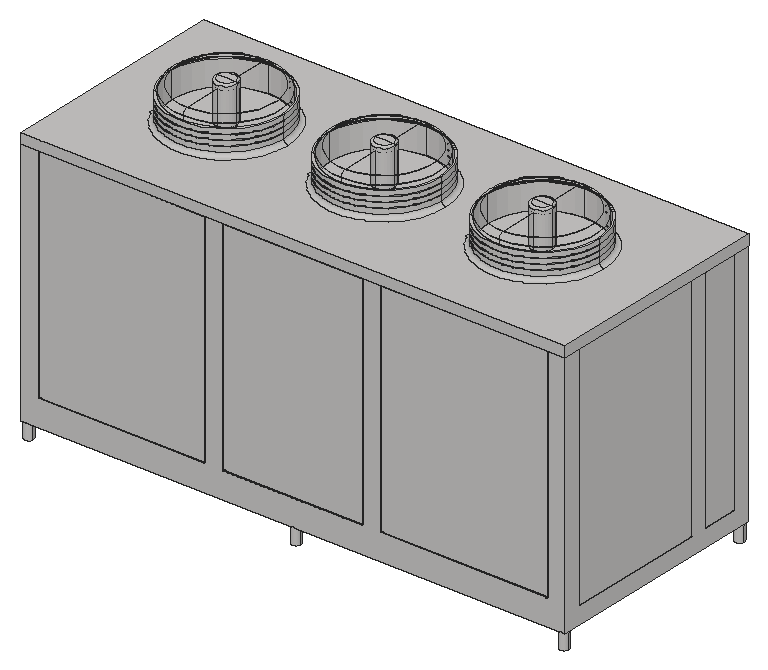
Revit family "QF_NuovAIR_CU-N550T2----", category Specialty Equipment, Revit 2019
Family settings
  Round Connector Dimension = Use Diameter
  Part Type = Normal
  Work Plane-Based = No
  Always vertical = Yes
  Cut with Voids When Loaded = No
  Shared = No
  Room Calculation Point = No
Parameters (values of type "CU-N550T2_400V 50A")
  Weight = 1133.00 kg
  Volts = 400 V
  Volt Free Conn = no
  URL Manufacturer = "https://www.nuovair.com/"
  URL Cutsheet = "N550T2-en-1.pdf"
  URL = ""
  Show Logo [instance] = yes
  Show Clearance [instance] = no
  Refrigeration Suction Line Size = 54 mm
  Refrigeration Liquid Line Size = 22 mm
  Refrigeration Energy Efficiency Index = ""
  Refrigeration Climate Class = ""
  Refrigerant Type = "R452a"
  Refrigerant Compressor Remote = no
  Potential Equalisation = yes
  Phase = 3
  Number of Poles = 3
  Model = "CU-N550T2"
  Mat_Legs = QF_Stainless-Brushed
  Mat_Clearance = QF_Clearance
  Mat_Case = QF_Stainless-Brushed
  Masterspec = ""
  Manufacturer = "NUOVAIR"
  Main switch integrated = no
  Length Actual = 3100 mm  # constant formula
  Legs_R = 25 mm  # constant formula
  Keynote = "0"
  Item Number = "CU-N550T2"
  Identify Quantity as Lot = no
  Horse Power = "35"
  Height Actual = 1780 mm  # constant formula
  Foodservice Equipment Identifier = yes
  Energy Efficiency Labelling = ""
  FL Amps = 76 A
  Electric power = 38000000 W
  Elec Connection Height = 400 mm
  Ele_Note = ""
  Direct Waste Size = 0 mm
  Direct Waste Connection Height = 0 mm
  Description = "Condensing Unit"
  Description_FR = ""
  Description_ES = ""
  Description_EN = ""
  Description_DE = ""
  Depth Actual = 1300 mm  # constant formula
  Cycle = 50 Hz
  Conn Plug = "terminal block"
  CE Approved = yes
  Author = ""
  Accessory = no
Types (3, lengths in mm): name | Volts | FL Amps | Cycle
  CU-N550T2_400V 50A | 400 V | 76 A | 50 Hz
  CU-N550T2_440V 60A | 440 V | 83 A | 60 Hz
  CU-N550T2_230V 60A | 230 V | 159 A | 60 Hz
Reference planes
  plane 1 "Center (Front/Back)": y = 0
  plane 2: z = 0
  plane 3 "Center (Left/Right)": x = 0
  plane 4 "SX": x = -1550
  plane 5 "DX": x = 1550
  plane 6: y = -1300
  plane 7: y = -2100
  plane 8 "top": z = 1780
  plane 9: y = 800
  plane 10: x = 2050
  plane 11: x = -2050
  plane 12 "Base": z = 90
  plane 13: z = 1500
  plane 14: x = -1525
  plane 15: x = 1525
  plane 16: y = -25
  plane 17: y = -1275
  plane 18: z = 1560
  plane 19: z = 190
  plane 20: y = -100
  plane 21: y = -1200
  plane 22: x = -1450
  plane 23: x = -500
  plane 24: x = 500
  plane 25: x = 1450
  plane 26: z = 240
  plane 27: x = -400
  plane 28: x = 400
  plane 29: y = -300
  plane 30: y = -400
  plane 31 "Ventilator_X_01": x = -900
  plane 32 "Ventilator_X_02": x = 900
  plane 33 "Ventilator_Y": y = -650
Forms (mm)
  Extrusion 1, solid, material "QF_Clearance" <- "Mat_Clearance", visible <- "Show Clearance"
    sketch origin (0, 0, 0) x (1, 0, 0) y (0, 1, 0)
      loop
        line (-1550, 800) -> (-1550, -2100) -> (1550, -2100) -> (1550, 800) -> (-1550, 800)
    from 0 to 1780
  Extrusion 2, solid, material "QF_Clearance" <- "Mat_Clearance", visible <- "Show Clearance"
    sketch origin (0, 0, 0) x (1, 0, 0) y (0, 1, 0)
      loop
        line (-1550, 0) -> (-1550, -1300) -> (1550, -1300) -> (1550, 0) -> (-1550, 0)
    from 0 to 1780
  Extrusion 3, solid, material "QF_Stainless-Brushed" <- "Mat_Case", detail levels medium+fine
    sketch origin (0, 0, 90) x (-1, 0, 0) y (0, -1, 0)
      loop
        line (1550, 0) -> (1550, 1300) -> (-1550, 1300) -> (-1550, 0) -> (1550, 0)
    from 0 to 1410
  Extrusion 4, solid, material "QF_Clearance", visible <- "Show Clearance"
    sketch origin (0, 0, 0) x (1, 0, 0) y (0, 1, 0)
      loop
        line (-2050, -1300) -> (2050, -1300) -> (2050, 0) -> (-2050, 0) -> (-2050, -1300)
    from 0 to 1780
  Extrusion 5, solid, material "QF_Stainless-Brushed" <- "Mat_Legs", detail levels medium+fine
    sketch origin (0, 0, 0) x (1, 0, 0) y (0, 1, 0)
      loop
        circle (-1525, -25) r 25
      loop
        circle (1525, -25) r 25
      loop
        circle (-1525, -1275) r 25
      loop
        circle (1525, -1275) r 25
      loop
        circle (0, -1275) r 25
      loop
        circle (0, -25) r 25
    from 0 to 90
  Extrusion 6, solid, material "QF_Stainless-Brushed", detail levels medium+fine
    sketch origin (-1430.553, -1524, 1500) x (-1, 0, 0) y (0, -1, 0)
      loop
        line (121.447, -1526) -> (121.447, -222) -> (-2982.553, -222) -> (-2982.553, -1526) -> (121.447, -1526)
    from 0 to 60
  Sweep 7, void
    path origin (-909.885, -1300, 4000) x (-1, 0, 0) y (0, 0, 1)
      loop
        line (540.115, -2500) -> (540.115, -3760) -> (-409.885, -3760) -> (-409.885, -2500)
    profile "PRF_scalpel : PRF_scalpel" origin (-1450, -1300, 870) x (-1, 0, 0) y (0, 1, 0)
      loop
        line (0, 1) -> (-2, -1) -> (-2, -51) -> (2, -51) -> (2, -1) -> (0, 1)
  Sweep 8, void
    path origin (950.115, -1300, 4000) x (-1, 0, 0) y (0, 0, 1)
      loop
        line (-499.885, -2500) -> (-499.885, -3760) -> (450.115, -3760) -> (450.115, -2500)
    profile "PRF_scalpel : PRF_scalpel" origin (1450, -1300, 870) x (-1, 0, 0) y (0, 1, 0)
      loop
        line (0, 1) -> (-2, -1) -> (-2, -51) -> (2, -51) -> (2, -1) -> (0, 1)
  Sweep 9, void
    path origin (0, 0, 0) x (1, 0, 0) y (0, 0, 1)
      loop
        line (1450, 1500) -> (1450, 240) -> (500, 240) -> (500, 1500)
    profile "PRF_scalpel : PRF_scalpel" origin (1450, 0, 870) x (1, 0, 0) y (0, -1, 0)
      loop
        line (0, 1) -> (-2, -1) -> (-2, -51) -> (2, -51) -> (2, -1) -> (0, 1)
  Sweep 10, void
    path origin (-700, 0, 0) x (1, 0, 0) y (0, 0, 1)
      loop
        line (1100, 1500) -> (1100, 240) -> (300, 240) -> (300, 1500)
    profile "PRF_scalpel : PRF_scalpel" origin (-400, 0, 870) x (1, 0, 0) y (0, -1, 0)
      loop
        line (0, 1) -> (-2, -1) -> (-2, -51) -> (2, -51) -> (2, -1) -> (0, 1)
  Sweep 11, void
    path origin (-1860, 0, 0) x (1, 0, 0) y (0, 0, 1)
      loop
        line (410, 1500) -> (410, 240) -> (1360, 240) -> (1360, 1500)
    profile "PRF_scalpel : PRF_scalpel" origin (-1450, 0, 870) x (1, 0, 0) y (0, -1, 0)
      loop
        line (0, 1) -> (-2, -1) -> (-2, -51) -> (2, -51) -> (2, -1) -> (0, 1)
  Sweep 12, void
    path origin (-1550, 180.447, 4000) x (0, 1, 0) y (0, 0, 1)
      loop
        line (-280.447, -2500) -> (-280.447, -3810) -> (-480.447, -3810) -> (-480.447, -2500)
    profile "PRF_scalpel : PRF_scalpel" origin (-1550, -100, 845) x (0, 1, 0) y (1, 0, 0)
      loop
        line (0, 1) -> (-2, -1) -> (-2, -51) -> (2, -51) -> (2, -1) -> (0, 1)
  Sweep 13, void
    path origin (-1550, -279.553, 4000) x (0, 1, 0) y (0, 0, 1)
      loop
        line (-920.447, -2500) -> (-920.447, -3810) -> (-120.447, -3810) -> (-120.447, -2500)
    profile "PRF_scalpel : PRF_scalpel" origin (-1550, -1200, 845) x (0, 1, 0) y (1, 0, 0)
      loop
        line (0, 1) -> (-2, -1) -> (-2, -51) -> (2, -51) -> (2, -1) -> (0, 1)
  Sweep 14, void
    path origin (1550, 180.447, 4000) x (0, 1, 0) y (0, 0, 1)
      loop
        line (-1380.447, -2500) -> (-1380.447, -3810) -> (-580.447, -3810) -> (-580.447, -2500)
    profile "PRF_scalpel : PRF_scalpel" origin (1550, -1200, 845) x (0, 1, 0) y (1, 0, 0)
      loop
        line (0, -1) -> (2, 1) -> (2, 51) -> (-2, 51) -> (-2, 1) -> (0, -1)
  Sweep 15, void
    path origin (1550, 640.447, 4000) x (0, 1, 0) y (0, 0, 1)
      loop
        line (-740.447, -2500) -> (-740.447, -3810) -> (-940.447, -3810) -> (-940.447, -2500)
    profile "PRF_scalpel : PRF_scalpel" origin (1550, -300, 845) x (0, 1, 0) y (1, 0, 0)
      loop
        line (0, -1) -> (2, 1) -> (2, 51) -> (-2, 51) -> (-2, 1) -> (0, -1)
  Sweep 16, void
    path origin (-909.885, -1300, 4000) x (-1, 0, 0) y (0, 0, 1)
      loop
        line (-509.885, -2500) -> (-509.885, -3760) -> (-1309.885, -3760) -> (-1309.885, -2500)
    profile "PRF_scalpel : PRF_scalpel" origin (-400, -1300, 870) x (-1, 0, 0) y (0, 1, 0)
      loop
        line (0, 1) -> (-2, -1) -> (-2, -51) -> (2, -51) -> (2, -1) -> (0, 1)
Cuts and joins
  joined: Extrusion 1, Extrusion 2
  Sweep 7, Sweep 8, Sweep 9, Sweep 10, Sweep 11, Sweep 12, Sweep 13, Sweep 14, Sweep 15, Sweep 16 cuts Extrusion 3
Lines and regions (mm)
  model lines, style "InvisibleLines"
    curve 1: line (-50, 0, 0) -> (50, 0, 0)
    curve 2: line (0, 50, 0) -> (0, -50, 0)
  model lines, style "QF_Case", detail levels coarse
    curve 3: line (-1550, 0, 0) -> (1550, 0, 0)
    curve 4: line (-1550, -1300, 0) -> (-1550, 0, 0)
    curve 5: line (1550, -1300, 0) -> (-1550, -1300, 0)
    curve 6: line (1550, 0, 0) -> (1550, -1300, 0)
    curve 7: line (1550, -1300, 1780) -> (1550, -1300, 0)
    curve 8: line (1550, 0, 1780) -> (1550, 0, 0)
    curve 9: line (-1550, -1300, 1780) -> (-1550, -1300, 0)
    curve 10: line (-1550, 0, 1780) -> (-1550, 0, 0)
    curve 11: line (-1550, 0, 1780) -> (1550, 0, 1780)
    curve 12: line (-1550, -1300, 1780) -> (-1550, 0, 1780)
    curve 13: line (1550, -1300, 1780) -> (-1550, -1300, 1780)
    curve 14: line (1550, 0, 1780) -> (1550, -1300, 1780)
Dimensions and locks
  curve 1 to plane 3 "Center (Left/Right)" to curve 1 = 50 mm locked, 50 mm locked
  curve 2 to plane 1 "Center (Front/Back)" to curve 2 = 50 mm locked, 50 mm locked
  "Height Actual": plane 8 "top" to level
  "Depth Actual": plane 6 to plane 1 "Center (Front/Back)"
  equal spacing: plane 4 "SX", plane 3 "Center (Left/Right)", plane 5 "DX"
  "Length Actual": plane 4 "SX" to plane 5 "DX"
  plane 6 to plane 1 "Center (Front/Back)" = 1300 mm
  locked: plane 1 "Center (Front/Back)" to plane 9 at 800
  locked: plane 6 to plane 7 at 800
  locked: plane 5 "DX" to plane 10 at 500
  locked: plane 11 to plane 4 "SX" at 500
  locked: plane 12 "Base" to Extrusion 4 at 90
  locked: plane 4 "SX" to plane 14 at 25
  locked: plane 15 to plane 5 "DX" at 25
  locked: plane 16 to plane 1 "Center (Front/Back)" at 25
  locked: Extrusion 6 sketch curve to plane 4 "SX" at 2
  locked: plane 5 "DX" to Extrusion 6 sketch curve at 2
  locked: plane 1 "Center (Front/Back)" to Extrusion 6 sketch curve at 2
  locked: plane 17 to plane 6 at 25
  locked: plane 6 to Extrusion 6 sketch curve at 2
  locked: plane 19 to plane 12 "Base" at 100
  locked: plane 20 to plane 1 "Center (Front/Back)" at 100
  locked: plane 21 to plane 6 at 100
  locked: plane 4 "SX" to plane 22 at 100
  locked: plane 4 "SX" to plane 23 at 1050
  locked: plane 25 to plane 5 "DX" at 100
  locked: plane 24 to plane 5 "DX" at 1050
  locked: plane 26 to plane 19 at 50
  locked: plane 13 to plane 12 "Base" at 1410
  locked: plane 18 to plane 13 at 60
  locked: plane 8 "top" to plane 18 at 220
  locked: plane 4 "SX" to plane 27 at 1150
  locked: plane 28 to plane 5 "DX" at 1150
  locked: plane 20 to plane 29 at 200
  locked: plane 29 to plane 30 at 100
  locked: plane 31 "Ventilator_X_01" to plane 3 "Center (Left/Right)" at 900
  locked: plane 3 "Center (Left/Right)" to plane 32 "Ventilator_X_02" at 900
  equal spacing: plane 6, plane 33 "Ventilator_Y", plane 1 "Center (Front/Back)", locked at 650 each
  "Legs_R": radius of Extrusion 5 sketch curve  (x6)
  aligned and locked: level to plane 2
  aligned and locked: Extrusion 1 sketch curve to plane 4 "SX"
  aligned and locked: plane 7 to Extrusion 1 sketch curve
  aligned and locked: Extrusion 1 sketch curve to plane 5 "DX"
  aligned and locked: plane 8 "top" to Extrusion 1
  aligned and locked: curve 3 to plane 1 "Center (Front/Back)"
  aligned and locked: curve 5 to plane 6
  aligned and locked: curve 6 to plane 5 "DX"
  aligned and locked: plane 4 "SX" to curve 4
  aligned and locked: plane 8 "top" to curve 8
  aligned and locked: plane 8 "top" to curve 7
  aligned and locked: plane 8 "top" to curve 10
  aligned and locked: plane 8 "top" to curve 9
  aligned and locked: level to curve 8
  aligned and locked: level to curve 7
  aligned and locked: level to curve 10
  aligned and locked: level to curve 9
  aligned and locked: curve 8 to plane 1 "Center (Front/Back)"
  aligned and locked: curve 10 to plane 1 "Center (Front/Back)"
  aligned and locked: plane 6 to curve 7
  aligned and locked: plane 6 to curve 9
  aligned and locked: Extrusion 2 sketch curve to plane 1 "Center (Front/Back)"
  aligned and locked: Extrusion 2 sketch curve to plane 6
  aligned and locked: plane 8 "top" to Extrusion 2
  aligned and locked: curve 11 to plane 1 "Center (Front/Back)"
  aligned and locked: curve 13 to plane 6
  aligned and locked: Extrusion 3 sketch curve to plane 1 "Center (Front/Back)"
  aligned and locked: Extrusion 3 sketch curve to plane 5 "DX"
  aligned and locked: plane 4 "SX" to Extrusion 3 sketch curve
  aligned and locked: Extrusion 1 sketch curve to plane 9
  aligned and locked: Extrusion 4 sketch curve to plane 11
  aligned and locked: plane 10 to Extrusion 4 sketch curve
  aligned and locked: Extrusion 4 sketch curve to plane 6
  aligned and locked: Extrusion 4 sketch curve to plane 1 "Center (Front/Back)"
  aligned and locked: Extrusion 4 to plane 8 "top"
  aligned and locked: Extrusion 4 to level
  aligned and locked: Extrusion 3 to plane 12 "Base"
  aligned and locked: plane 13 to Extrusion 3
  aligned and locked: plane 14 to Extrusion 5 sketch curve  (x2)
  aligned and locked: plane 15 to Extrusion 5 sketch curve  (x2)
  aligned and locked: plane 17 to Extrusion 5 sketch curve  (x3)
  aligned and locked: plane 16 to Extrusion 5 sketch curve  (x3)
  aligned and locked: Extrusion 5 to level
  aligned and locked: Extrusion 6 to plane 13
  aligned and locked: Extrusion 3 sketch curve to plane 6
  aligned and locked: plane 18 to Extrusion 6
  aligned and locked: plane 13 to Sweep 7 sketch curve  (x2)
  aligned and locked: Sweep 7 sketch curve to plane 22
  aligned and locked: plane 13 to Sweep 8 sketch curve  (x2)
  aligned and locked: Sweep 8 sketch curve to plane 25
  aligned and locked: plane 13 to Sweep 9 sketch curve  (x2)
  aligned and locked: plane 25 to Sweep 9 sketch curve
  aligned and locked: plane 13 to Sweep 10 sketch curve  (x2)
  aligned and locked: plane 13 to Sweep 11 sketch curve  (x2)
  aligned and locked: plane 22 to Sweep 11 sketch curve
  aligned and locked: plane 13 to Sweep 12 sketch curve  (x2)
  aligned and locked: plane 19 to Sweep 12 sketch curve  (x2)
  aligned and locked: plane 20 to Sweep 12 sketch curve
  aligned and locked: plane 13 to Sweep 13 sketch curve  (x2)
  aligned and locked: plane 19 to Sweep 13 sketch curve
  aligned and locked: plane 21 to Sweep 13 sketch curve
  aligned and locked: plane 13 to Sweep 14 sketch curve  (x2)
  aligned and locked: plane 19 to Sweep 14 sketch curve
  aligned and locked: Sweep 14 sketch curve to plane 21
  aligned and locked: plane 13 to Sweep 15 sketch curve  (x2)
  aligned and locked: plane 19 to Sweep 15 sketch curve
  aligned and locked: Sweep 15 sketch curve to plane 20
  aligned and locked: plane 12 "Base" to Extrusion 5
  aligned and locked: plane 26 to Sweep 7 sketch curve
  aligned and locked: plane 23 to Sweep 7 sketch curve
  aligned and locked: Sweep 8 sketch curve to plane 24
  aligned and locked: Sweep 8 sketch curve to plane 26
  aligned and locked: plane 28 to Sweep 10 sketch curve
  aligned and locked: plane 26 to Sweep 10 sketch curve
  aligned and locked: plane 27 to Sweep 10 sketch curve
  aligned and locked: plane 24 to Sweep 9 sketch curve
  aligned and locked: plane 26 to Sweep 9 sketch curve
  aligned and locked: plane 23 to Sweep 11 sketch curve
  aligned and locked: Sweep 11 sketch curve to plane 26
  aligned and locked: plane 30 to Sweep 14 sketch curve
  aligned and locked: Sweep 14 sketch curve to plane 19
  aligned and locked: Sweep 15 sketch curve to plane 29
  aligned and locked: Sweep 15 sketch curve to plane 19
  aligned and locked: plane 29 to Sweep 12 sketch curve
  aligned and locked: plane 30 to Sweep 13 sketch curve
  aligned and locked: Sweep 13 sketch curve to plane 19
  aligned and locked: plane 5 "DX" to nested 2
  aligned and locked: plane 5 "DX" to nested 1
  aligned and locked: plane 1 "Center (Front/Back)" to nested 1
  aligned and locked: plane 1 "Center (Front/Back)" to nested 2
  aligned and locked: nested 3 to plane 1 "Center (Front/Back)"
  aligned and locked: nested 3 to plane 4 "SX"
  aligned and locked: plane 3 "Center (Left/Right)" to Extrusion 5 sketch curve  (x2)
  aligned and locked: nested 4 to plane 31 "Ventilator_X_01"
  aligned and locked: nested 5 to plane 3 "Center (Left/Right)"
  aligned and locked: nested 6 to plane 32 "Ventilator_X_02"
  aligned and locked: plane 33 "Ventilator_Y" to nested 6
  aligned and locked: plane 33 "Ventilator_Y" to nested 4
  aligned and locked: plane 33 "Ventilator_Y" to nested 5
  aligned and locked: plane 13 to Sweep 16 sketch curve  (x2)
  aligned and locked: Sweep 16 sketch curve to plane 26
  aligned and locked: Sweep 16 sketch curve to plane 27
  aligned and locked: plane 28 to Sweep 16 sketch curve
Automatic sketch dimensions
  curve 2 to plane 3 "Center (Left/Right)" = 0 mm
  plane 1 "Center (Front/Back)" to curve 1 = 0 mm
  curve 11 to plane 5 "DX" = 0 mm
  curve 13 to plane 4 "SX" = 0 mm
  Extrusion 2 sketch curve to plane 4 "SX" = 0 mm
  Extrusion 2 sketch curve to plane 5 "DX" = 0 mm
Nested families
  nested 1: "Connection_DxSx" at (1550, 0, 1000), type "KTM", not visible
    with Width_DX 0 mm, Width Offset 0 mm, Depth Offset 350 mm, DX no
  nested 2: "Connection_DxSx" at (1550, 0, 270), type "KTM", not visible
    with Width_DX 0 mm, Width Offset 0 mm, Depth Offset 350 mm, DX no
  nested 3: "Connection_DxSx" at (-1550, 0, 400) x (0, -1, 0) z (0, 0, 1), built-in parameter 1001364 <- "Elec Connection Height", type "KTM", not visible
    with Width_DX 120 mm, Width Offset 60 mm, Depth Offset 0 mm, DX yes
  nested 4: "Ventilator_B" at (-900, -650, 1560) x (-1, 0, 0) z (0, 0, 1), Mat_A <- "Mat_Case", Mat_B <- "Mat_Case", type "Ventilator_B", detail levels medium+fine
    with Mat_C QF_Cross20x20, Mat_B QF_Stainless-Brushed, Mat_A QF_Stainless-Brushed
  nested 5: "Ventilator_B" at (0, -650, 1560) x (-1, 0, 0) z (0, 0, 1), Mat_A <- "Mat_Case", Mat_B <- "Mat_Case", type "Ventilator_B", detail levels medium+fine
    with Mat_C QF_Cross20x20, Mat_B QF_Stainless-Brushed, Mat_A QF_Stainless-Brushed
  nested 6: "Ventilator_B" at (900, -650, 1560) x (-1, 0, 0) z (0, 0, 1), Mat_A <- "Mat_Case", Mat_B <- "Mat_Case", type "Ventilator_B", detail levels medium+fine
    with Mat_C QF_Cross20x20, Mat_B QF_Stainless-Brushed, Mat_A QF_Stainless-Brushed
Connectors
  piping at (1550.5, -350, 1000), diameter 54, driven by "Refrigeration Suction Line Size"
    settings: on nested 1, index 3, connector inside diameter 609.6 mm, connector length 0 mm, flow factor 0, pipe flow 0.0 L/s, pressure drop 0.0 Pa, fitting loss kfactor 0, connector angle 0.00°, fixture units 0, engagement length 0 mm, angle of deflection 0.00°, flow configuration 0, flow direction 1, fitting loss method 0, system type 22, joint type 0, gender type 0, connector reference index -1, connector utility 0, adjustable connector no, is connector primary yes, connector description "Suction Line"
  piping at (1550.5, -350, 270), diameter 22, driven by "Refrigeration Liquid Line Size"
    settings: on nested 2, index 4, connector inside diameter 609.6 mm, connector length 0 mm, flow factor 0, pipe flow 0.0 L/s, pressure drop 0.0 Pa, fitting loss kfactor 0, connector angle 0.00°, fixture units 0, engagement length 0 mm, angle of deflection 0.00°, flow configuration 0, flow direction 2, fitting loss method 0, system type 22, joint type 0, gender type 0, connector reference index -1, connector utility 0, adjustable connector no, is connector primary no, connector description "Liquid Line"
  electrical at (-1550.5, -60, 400), driven by "Number of Poles", driven by "Volts", driven by "Electric power", driven by "Ele_Note"
    settings: on nested 3, index 6, voltage 400 V, apparent load 38000000 VA, apparent load phase1 0 VA, apparent load phase2 0 VA, apparent load phase3 0 VA, power factor 1, load classification "Power", number of poles 3, system type 30, power factor state 1, is connector primary yes, connector utility no, sub classification motor no, connector description ""
Definition of nested family "Connection_DxSx"
  Parameters (values of type "KTM")
    Width_DX [instance] = if(DX, Width Offset * 2, 0 mm)  # 120 mm
    Width Offset [instance] = 60 mm
    Manufacturer = "Gjiom by www.RevitLandia.com"  # constant formula
    Depth Offset [instance] = 50 mm
    Default Elevation = 0 mm
    DX [instance] = yes
  Reference planes
    plane 1 "Center (Front/Back)": y = 0
    plane 2: z = 0
    plane 3 "Center (Left/Right)": x = 0
    plane 4 "Depth Offset": y = -50
    plane 5: x = 60
    plane 6: x = -60
  Forms (mm)
    Extrusion 1, solid
      sketch origin (0, 0, 0) x (1, 0, 0) y (0, 1, 0)
        loop
          circle (60, -50) r 15
      from -0.5 to 0.5
    Extrusion 2, solid
      sketch origin (0, -50, 0) x (-1, 0, 0) y (0, 0, 1)
        loop
          circle (-60, 0) r 15
      from -0.5 to 0.5
    Extrusion 3, solid
      sketch origin (60, 93.537, 4000) x (0, 1, 0) y (0, 0, 1)
        loop
          circle (-143.537, -4000) r 15
      from -0.5 to 0.5
  Lines and regions (mm)
    model lines
      curve 1: line (0, 0, 0) -> (0, -20, 0)
  Dimensions and locks
    "Depth Offset": plane 1 "Center (Front/Back)" to plane 4 "Depth Offset"
    "Width Offset": plane 6 to plane 3 "Center (Left/Right)"
    "Width_DX": plane 6 to plane 5
    aligned and locked: level to plane 2
    aligned and locked: plane 4 "Depth Offset" to Extrusion 1 sketch curve
    aligned and locked: level to Extrusion 2 sketch curve
    aligned and locked: level to Extrusion 3 sketch curve
    aligned and locked: plane 4 "Depth Offset" to Extrusion 3 sketch curve
    aligned and locked: plane 5 to Extrusion 1 sketch curve
    aligned and locked: plane 5 to Extrusion 2 sketch curve
  Automatic sketch dimensions
    curve 1 to plane 3 "Center (Left/Right)" = 0 mm
    plane 1 "Center (Front/Back)" to curve 1 = 0 mm
    plane 1 "Center (Front/Back)" to curve 1 = 20 mm
    radius of Extrusion 1 sketch curve = 15 mm
    radius of Extrusion 2 sketch curve = 15 mm
    radius of Extrusion 3 sketch curve = 15 mm
Definition of nested family "Ventilator_B"
  Parameters (values of type "Ventilator_B")
    Mat_C [instance] = none
    Mat_A [instance] = none
    Default Elevation = 1219.2 mm
    Mat_B [instance] = none
  Reference planes
    plane 1 "Centro (Fronte/Retro)": y = 0
    plane 2: z = 0
    plane 3 "Centro (Sinistra/Destra)": x = 0
    plane 4: z = 145
    plane 5: z = 190
    plane 6: z = 220
    plane 7: z = 25
    plane 8: z = 55
    plane 9: z = 85
    plane 10: z = 115
    plane 11: z = 56
    plane 12: z = 86
    plane 13: z = 116
    plane 14: z = 54
    plane 15: z = 84
    plane 16: z = 114
  Forms (mm)
    Revolve 1, solid, material <- "Mat_B"
      sketch origin (0, 0, 0) x (1, 0, 0) y (0, 0, 1)
        loop
          arc (-50, 220) -> (-57.071, 217.071) -> (-60, 210) r 10
          line (-60, 210) -> (-60, 0) -> (0, 0) -> (0, 220) -> (-50, 220)
        axis (0, 220) -> (0, 0)
      angle from 0 to 360
    Revolve 2, solid, material <- "Mat_C"
      sketch origin (0, 0, 0) x (0, 1, 0) y (0, 0, 1)
        loop
          arc (-275, 190) -> (-296.213, 181.213) -> (-305, 160) r 30
          line (-305, 160) -> (-305, 0) -> (-60, 0) -> (-60, 190) -> (-275, 190)
        axis (0, 0) -> (0, 190)
      angle from 0 to 360
    Revolve 3, solid, material <- "Mat_A"
      sketch origin (0, 0, 0) x (1, 0, 0) y (0, 0, 1)
        loop
          line (-325, 145) -> (-325, 116) -> (-324, 115) -> (-325, 114) -> (-325, 86) -> (-324, 85) -> (-325, 84) -> (-325, 56) -> (-324, 55) -> (-325, 54) -> (-325, 25)
          arc (-325, 25) -> (-332.322, 7.322) -> (-350, 0) r 25
          line (-350, 0) -> (-315, 0) -> (-315, 145) -> (-325, 145)
        axis (0, 145) -> (0, 0)
      angle from 0 to 360
  Dimensions and locks
    locked: plane 4 to level at 145
    locked: plane 5 to level at 190
    locked: plane 6 to level at 220
    locked: plane 3 "Centro (Sinistra/Destra)" to Revolve 1 sketch curve at 60
    locked: Revolve 2 sketch curve to plane 1 "Centro (Fronte/Retro)" at 60
    locked: plane 7 to level at 25
    locked: plane 3 "Centro (Sinistra/Destra)" to Revolve 3 sketch curve at 315
    locked: plane 3 "Centro (Sinistra/Destra)" to Revolve 3 sketch curve at 325
    locked: plane 3 "Centro (Sinistra/Destra)" to Revolve 3 sketch curve at 350
    Revolve 2 sketch curve to plane 1 "Centro (Fronte/Retro)" = 305 mm
    locked: plane 8 to plane 7 at 30
    locked: plane 9 to plane 8 at 30
    locked: plane 10 to plane 9 at 30
    aligned and locked: level to plane 2
    aligned and locked: Revolve 1 sketch curve to plane 3 "Centro (Sinistra/Destra)"  (x2)
    aligned and locked: Revolve 1 sketch curve to plane 6
    aligned and locked: level to Revolve 1 sketch curve
    aligned and locked: Revolve 2 sketch curve to plane 5
    aligned and locked: plane 2 to Revolve 2 sketch curve
    aligned and locked: Revolve 2 sketch curve to plane 1 "Centro (Fronte/Retro)"
    aligned and locked: Revolve 3 sketch curve to plane 4
    aligned and locked: level to Revolve 3 sketch curve
    aligned and locked: Revolve 3 sketch curve to plane 3 "Centro (Sinistra/Destra)"
    aligned and locked: plane 7 to Revolve 3 sketch curve
